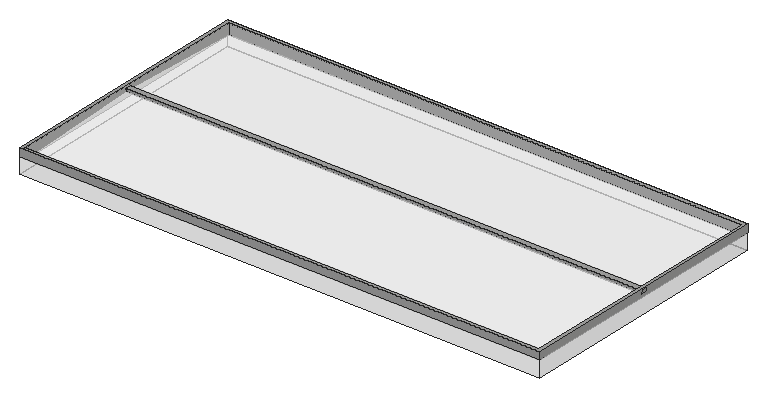
Revit family "VSY24", category Lighting Fixtures, host Face, Revit 2021
Family settings
  Host = Face
  Round Connector Dimension = Use Diameter
  Part Type = Normal
  OmniClass Number = 23.80.70.11
  OmniClass Title = Luminaries for Internal Lighting
  Cut with Voids When Loaded = No
  Light Source = Yes
  Shared = No
  Room Calculation Point = No
Parameters (values of type "VSY24")
  zz Length = Row Length - 1"  # 47"
  Width = 24"
  Wattage = 30 W
  Warranty = "Five-year warranty"  # constant formula
  built-in parameter 1150110 = 1 (stored number, unit not read)
  Voltage = 120 V
  Wattage Comments = "18-61 W"  # constant formula
  URL = "https://www.currentlighting.com/columbia"
  built-in parameter 1114217 = 1 (stored number, unit not read)
  Tilt Angle = -90.00°
  built-in parameter 1150109 = 1 (stored number, unit not read)
  built-in parameter 1150134 = 3
  built-in parameter 1150113 = 1 (stored number, unit not read)
  Product Link = ""
  Product Documentation link = ""
  Photometric Web File = "VSY24-30HLHE-EDU.ies"
  built-in parameter 1150142 = "IESNA:LM-63-1995\r\n[TEST] 23396\r\n[DATE] 6/12/2019\r\n[MANUFAC] COLUMBIA LIGHTING\r\n[LUMCAT] VSY24-30HLHE-EDU\r\n[LUMINAIRE] Versify™ Architectural Edge Lit, Recessed Architectural\r\n[MORE] 2' x 4' Led with acrylic diffuser\r\n[MORE] Data Scaled from Test# 19.01004\r\n[LAMPCAT] Led\r\n[BALLASTCAT] XI050C140V054BST1\r\n[BALLAST] EDU\r\n[_MOUNTING] Recessed\r\n[_BALLASTFACTOR] 1.00\r\n[_SHIELDING_ANGLE_0] 90\r\n[_SHIELDING_ANGLE_90] 90\r\nTILT=NONE\r\n1 -1 1.0 37 5 1 1 1.90 3.92 0.00\r\n1.00 1 38.49\r\n0.00 2.50 5.00 7.50 10.00 12.50 15.00 17.50 20.00 22.50 25.00 27.50 30.00 32.50\r\n35.00 37.50 40.00 42.50 45.00 47.50 50.00 52.50 55.00 57.50 60.00 62.50 65.00\r\n67.50 70.00 72.50 75.00 77.50 80.00 82.50 85.00 87.50 90.00\r\n0.00 22.50 45.00 67.50 90.00\r\n2116 2111 2103 2089 2069 2043 2011 1973 1930 1884 1830 1772 1709 1643 1572 1499\r\n1423 1346 1268 1190 1109 1030 949 869 790 712 634 559 488 417 347 280 216 154\r\n97 43 2\r\n2116 2114 2105 2091 2070 2043 2011 1973 1931 1883 1829 1770 1708 1641 1570 1497\r\n1421 1344 1266 1188 1108 1028 948 868 788 711 633 558 485 413 341 272 207 144\r\n86 33 1\r\n2116 2115 2106 2092 2070 2044 2012 1973 1931 1884 1831 1773 1712 1646 1577 1505\r\n1430 1354 1276 1198 1119 1037 956 875 792 711 631 553 479 405 334 265 200 138\r\n80 29 1\r\n2116 2114 2104 2090 2068 2041 2008 1970 1927 1880 1828 1771 1711 1647 1580 1510\r\n1437 1362 1284 1206 1125 1041 956 873 790 708 628 548 472 398 326 257 191 129\r\n71 28 1\r\n2116 2111 2102 2087 2065 2039 2007 1969 1926 1880 1829 1773 1714 1651 1585 1517\r\n1444 1370 1293 1215 1132 1048 964 879 795 713 632 553 477 402 330 261 193 131\r\n73 30 1\r\n"
  Model = "VSY24"  # constant formula
  Manufacturer = "Columbia Lighting"  # constant formula
  Row Length = 48"
  built-in parameter 1150105 = 334.23 (stored number, unit not read)
  Lumens = 4200 lm
  built-in parameter 1150115 = 1 (stored number, unit not read)
  Load Classification = Lighting
  built-in parameter 1150137 = (empty or 0)
  built-in parameter 1150139 = (empty or 0)
  built-in parameter 1150112 = 1 (stored number, unit not read)
  built-in parameter 1150114 = 1 (stored number, unit not read)
  Lamp = "LED lamp"  # constant formula
  Light Bulb = White Glass
  built-in parameter 1150132 = (empty or 0)
  built-in parameter 1150102 = (empty or 0)
  built-in parameter 1150107 = 3200 (stored number, unit not read)
  built-in parameter 1150138 = (empty or 0)
  built-in parameter 1150106 = 3.3423 (stored number, unit not read)
  Frame = Paint - Gray Smooth
  Features = "Architectural styling in an edge-lit luminaire\r\n• High efficiency acrylic lens featuring edge lit technology\r\n• Ideal for offices, schools, medical, and public spaces\r\n• Up to 150 lumens per watt\r\n• Stylish controls integration\r\n• 2inch overall depth, 2 1/4inch with emergency battery pack\r\n• Certified UL924 for fixtures with battery or DTS (Dimming Bypass\r\nModule) options"  # constant formula
  Emit from Rectangle Width = Width  # 24"
  Emit from Rectangle Length = Row Length  # 48"
  Emit Shape Visible in Rendering = no
  built-in parameter 1150104 = 13.006 (stored number, unit not read)
  Dimming Lamp Color Temperature Shift = <None>
  Description = "VERSIFY™ 2'X4' ARCHITECTURAL EDGE-LIT"  # constant formula
  Default Elevation = 48"
  Contact us = ""
  Color Filter = 16777215
  built-in parameter 1114218 = 1 (stored number, unit not read)
  Backbox = White
  built-in parameter 1150133 = 10 (stored number, unit not read)
  Apparent Load = 0 VA
Reference planes (in)
  plane 1 "Center (Front/Back)": y = 0.03999
  plane 2: z = 0
  plane 3 "Center (Left/Right)": x = 1.66944
  plane 4: x = -22.33056
  plane 5: x = 25.66944
  plane 6: z = -2
  plane 7: y = -11.96001
  plane 8: y = 12.03999
  plane 9: z = 0.125
Forms (in)
  Extrusion 1, void
    sketch origin (0, 0.03999, 0) x (1, 0, 0) y (0, 0, 1)
      loop
        line (-22.33056, 0) -> (-22.33056, -2) -> (25.66944, -2) -> (25.66944, 0) -> (-22.33056, 0)
    from -12 to 12
  Sweep 2, solid, material "Paint - Gray Smooth" <- "Frame"
    path origin (0, 0, 0) x (1, 0, 0) y (0, 1, 0)
      loop
        line (-22.33056, 12.03999) -> (-22.33056, -11.96001) -> (25.66944, -11.96001) -> (25.66944, 12.03999) -> (-22.33056, 12.03999)
    profile origin (1.66944, 12.03999, 0) x (0, 1, 0) y (0, 0, 1)
      loop
        line (-0.25, 0.21875) -> (-0.60016, -0.48156) -> (0, -0.5) -> (0, 0.21875) -> (-0.25, 0.21875)
  Sweep 3, solid, material "Paint - Gray Smooth" <- "Frame"
    path origin (0, 0, 0) x (1, 0, 0) y (0, 1, 0)
      loop
        line (-22.33056, 0.03999) -> (25.66944, 0.03999)
    profile origin (1.66944, 0.03999, 0) x (0, 1, 0) y (0, 0, 1)
      loop
        line (0.25329, 0.09582) -> (-0.23295, 0.09582) -> (-0.23295, -0.17867) -> (0.25329, -0.17867) -> (0.25329, 0.09582)
  Extrusion 4, solid, material "White Glass" <- "Light Bulb"
    sketch origin (1.66944, 0, 0) x (0, 1, 0) y (0, 0, 1)
      loop
        line (12.03999, -2) -> (12.03999, -0.5) -> (0.14954, -0.13468) -> (-0.05423, -0.13468) -> (-11.96001, -0.5) -> (-11.96001, -2) -> (12.03999, -2)
    from -24 to 24
Dimensions and locks (in)
  equal spacing: plane 5, plane 3 "Center (Left/Right)", plane 4
  "Row Length": plane 5 to plane 4
  equal spacing: plane 7, plane 1 "Center (Front/Back)", plane 8
  "Width": plane 7 to plane 8
  plane 9 to plane 2 = 1/8"
  plane 9 to plane 6 = 2 1/8"
  plane 4 to plane 5 = 48"
  aligned and locked: plane 2 to host face
  aligned and locked: level to host face
  aligned and locked: Extrusion 1 sketch curve to level
  aligned and locked: plane 4 to Extrusion 1 sketch curve
  aligned and locked: Extrusion 1 sketch curve to plane 5
  aligned and locked: plane 6 to Extrusion 1 sketch curve
  aligned and locked: Extrusion 1 to plane 8
  aligned and locked: Extrusion 1 to plane 7
  aligned and locked: plane 8 to Sweep 2 sketch curve
  aligned and locked: plane 4 to Sweep 2 sketch curve
  aligned and locked: plane 7 to Sweep 2 sketch curve
  aligned and locked: Sweep 2 sketch curve to plane 5
  aligned and locked: Extrusion 4 to plane 4
  aligned and locked: plane 5 to Extrusion 4
Automatic sketch dimensions
  host sketch curve to host sketch curve = 96"  (x2)
  plane 1 "Center (Front/Back)" to Sweep 3 sketch curve = 0"
  Sweep 3 sketch curve to plane 4 = 0"
  Sweep 3 sketch curve to plane 5 = 0"
  Extrusion 4 sketch curve to plane 7 = 0"
  Extrusion 4 sketch curve to plane 8 = 0"
  Extrusion 4 sketch curve to plane 6 = 0"
  plane 1 "Center (Front/Back)" to Extrusion 4 sketch curve = 0.09422"
  Extrusion 4 sketch curve to plane 1 "Center (Front/Back)" = 0.10955"
  Extrusion 4 sketch curve to level = 1/2"  (x2)
  Extrusion 4 sketch curve to level = 0.13468"
  level to Sweep 2 sketch curve = 7/32"
  Sweep 2 sketch curve to Sweep 2 sketch curve = 1/4"
  Sweep 2 sketch curve to profile plane = 0"
  profile plane to Sweep 2 sketch curve = 0.60016"
  Sweep 2 sketch curve to level = 0.48156"
  Sweep 2 sketch curve to level = 1/2"
  profile plane to Sweep 3 sketch curve = 0.23295"
  Sweep 3 sketch curve to profile plane = 0.25329"
  Sweep 3 sketch curve to level = 0.17867"
  level to Sweep 3 sketch curve = 0.09582"
Connectors (in)
  electrical at (1.66944, 0.03999, -0.125)
    settings: on Sweep 2, index 1, voltage 0 V, apparent load 0 VA, apparent load phase1 0 VA, apparent load phase2 0 VA, apparent load phase3 0 VA, power factor 1, load classification "Other", number of poles 1, system type 30, power factor state 1, is connector primary yes, connector utility no, sub classification motor no, connector description "Lighting Connector"
